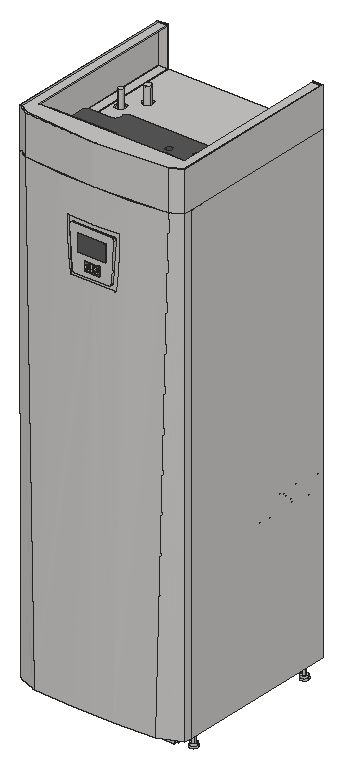
Revit family "HVAC_Heaters_Enertech_CTC-EcoZenith-i255H", category Specialty Equipment, Revit 2017
Family settings
  Round Connector Dimension = Use Diameter
  Part Type = Normal
  OmniClass Number = 23.75.00.00
  OmniClass Title = Climate Control (HVAC)
  Work Plane-Based = No
  Always vertical = Yes
  Cut with Voids When Loaded = No
  Shared = No
  Room Calculation Point = No
Parameters (values of type "CTC EcoZenith i255 H - 400V3N")
  Weight = "182 kg"
  WaterVolumeWaterSuply = "5.7 liters"
  WaterVolumeHeathingSystem = "223 liters"
  WarrantyStartDate [instance] = "n/a"
  WarrantyGuarantorParts = "n/a"
  WarrantyGuarantorLabor = "n/a"
  WarrantyDurationUnit = "Year"
  WarrantyDurationParts = "n/a"
  WarrantyDurationLabor = "n/a"
  WarrantyDescription = "n/a"
  VersionDate = "10/11/2020"  # constant formula
  Version = "1"  # constant formula
  UsageCurrent = 0 A
  Uniclass2015Reference = "Pr_40_70_65"
  Uniclass2015Description = "Preparation catering equipment"
  Uniclass2 = "Pr_40_70_65"
  URL = "https://ctc-heating.com/products/indoor-modules"
  UNSPSCCode = "40102003"
  Type Comments = ""
  Touchscreen = "yes"
  TagNumber [instance] = "n/a"
  SustainabilityPerformance = "n/a"
  Status = "n/a"
  SpecifiedOutput = "N/A"
  SoundPowerLWA = "N/A"
  Sound pressureLPA 5m = "N/A"
  Sound pressureLPA 1m = "N/A"
  Sound pressureLPA 10m = "N/A"
  Size = "673x596x1886 mm"
  Shape = "Rectangular"
  SerialNumber [instance] = "7208 xxxx xxxx"
  SEERWarm = "N/A"
  SEERModerate = "N/A"
  SEERCold = "N/A"
  SCOPWarm = "N/A"
  SCOPModerate = "N/A"
  SCOPCold = "N/A"
  Revision = "4"  # constant formula
  ReplacementCost = "n/a"
  RefrigerantType = "N/A"
  RefrigerantQuantity = "N/A"
  ReferenceAirFlowRate = "N/A"
  Reference = "n/a"
  RatedVoltage = 1200 V
  RatedHeatOutputModerate = "15 kW"
  PumpMainMaterial = Stainless Steel
  ProductInformation = "Quiet and efficient indoor module available in two heights with built-in heat pump control and hot water preparation. The CTC EcoZenith i255  has internet connection as standard, so you can easily control your product remotely. It is also prepared for connection to Alexa and Google Home, etc."
  PowerFactor = 0 W
  PhaseReference = "n/a"
  PhaseAngle = 0.00°
  OutputRangeIimmersionHeater = "0.3 - 15/ 0.3 - 18 "
  OutputRange = "N/A"
  NominalWidth = 595 mm
  NominalVoltage = 400 V
  NominalHeight = 1904 mm
  ModelType = EcoZenithI250-high : EcoZenith_high
  NominalFrequencyRange = 50 Hz
  NominalDepth = 672 mm
  NominalCurrent = 0 A
  Name = "CTC-EcoZenith-i255"  # constant formula
  NBSReference = "90-40-40/320"
  NBSDescription = "Air to water heat pumps"
  ModelReference = "n/a"
  ModelNumber = "589502001"
  MinimumCeilingHeight = "1901 mm"
  MaxStartingCurrent = "N/A"
  MaxOperatingPressureThermalStore = "3 bar"
  MaxOperatingPressureHotWater = "10 bar"
  MaxAirFlowRate = "N/A"
  Material = "Steel/copper"
  ManufacturerURL = "https://ctc.se/"
  ManufacturerName = "Enertech AB"
  Model = "CTC EcoZenith i250 High"
  ManufacturerCountry = "Sweden"
  Manufacturer = "Enertech AB"
  InsulationStandardClass = "n/a"
  InstallationDate [instance] = "n/a"
  InPutPower = "N/A"
  IfcExportType = "HEATER"  # constant formula
  IfcExportAs = "IfcElectricalDeviceCommon"  # constant formula
  IP_Code = "IP X1"
  HotTapWaterPerformance = "173 liters"
  HasProtectiveEarth = yes
  GroupFuse = "15 kW : 25 A\n18 kW: 32 A"
  Grade = "n/a"
  Finish = "n/a"
  Features = "n/a"
  ExpectedLife = "n/a"
  EnergyClass_HotWater_TapProfile = "B / L "
  EnergyClassHeatingWithoutControl = "N/A"
  EnergyClassHeatingWithControl = "A++ / A++ (with heatpump)"
  ElectricalDeviceNominalPower = 1800 W
  EANNumber = "7333077094461"
  DurationUnit = "Year"
  Description = "Quiet and efficient indoor module available in two heights with built-in heat pump control and hot water preparation. The CTC EcoZenith i255  has internet connection as standard, so you can easily control your product remotely. It is also prepared for connection to Alexa and Google Home, etc."
  Cost = 0
  ConvergoRefNr = "0091-1710-0012-SE"
  Constituents = "n/a"
  ConnectorDistance3 = 5 mm
  ConnectorDistance2 = 144 mm
  ConnectorDistance1 = 85.5 mm
  ConductorFunction = "n/a"
  Color = "white"
  CodePerformance = "n/a"
  Capacity = "N/A"
  COP = "N/A"
  CO2Equivalent = "N/A"
  BrineSystem_Min_MaxPressure = "N/A"
  Barcode [instance] = "n/a"
  AssetIdentifier [instance] = "n/a"
  Category = "Indoor Module"
  Brand = "CTC"
  BIMObjectName = "HVAC_Heaters_Enertech_CTC-EcoZenith-i255"  # constant formula
  Author = "Convergo AB"  # constant formula
  AssetType = "Fixed"
  Artikel nr. = ""
  AirFlow = "N/A"
  Accessories = ""
  AccessibilityPerformance = "n/a"
Reference planes
  plane 1 "Center (Front/Back)": y = 0
  plane 2: z = 0
  plane 3 "Center (Left/Right)": x = 0
  plane 4: x = -297.5
  plane 5: x = 297.5
  plane 6: y = 336
  plane 7: y = -336
  plane 8: z = 1904
  plane 9: z = 1818.5
  plane 10: z = 1760
  plane 11: z = 1755
Forms (mm)
  Extrusion 1, solid, material "Stainless Steel" <- "PumpMainMaterial", detail levels coarse
    sketch origin (0, 0, 0) x (1, 0, 0) y (0, 1, 0)
      loop
        line (-297.5, -336) -> (297.5, -336) -> (297.5, 336) -> (-297.5, 336) -> (-297.5, -336)
    from 0 to 1904
  Extrusion 2, solid, material "Stainless Steel" <- "PumpMainMaterial", detail levels medium+fine
    sketch origin (0, 0, 0) x (1, 0, 0) y (0, 1, 0)
      loop
        circle (-229.555, 81.642) r 9.5
      loop
        circle (-183.051, 146.802) r 11.103
      loop
        circle (177.316, -84.382) r 11.103
      loop
        circle (205.876, 305.416) r 11
      loop
        circle (230.876, 275.416) r 11
    from 1755 to 1818.5
  Extrusion 3, solid, material "Black", detail levels medium+fine
    sketch origin (-4.779, -14.117, -287.936) x (1, 0, 0) y (0, 0, 1)
      loop
        circle (-241.119, 2138.1) r 11
    from 177.988 to 174.9
  Extrusion 4, solid, material "Black", detail levels medium+fine
    sketch origin (0, 0, 0) x (1, 0, 0) y (0, 1, 0)
      loop
        circle (78.26, -84.106) r 11
      loop
        circle (78.26, -84.106) r 10.5
    from 1755 to 1760
  Extrusion 5, solid, material "Stainless Steel" <- "PumpMainMaterial", detail levels medium+fine
    sketch origin (0, 0, 0) x (1, 0, 0) y (0, 1, 0)
      loop
        circle (1.087, 40.827) r 9.5
      loop
        circle (-229.939, -4.024) r 11
      loop
        circle (-174.939, -4.024) r 11
      loop
        circle (1.087, 40.827) r 10
      loop
        circle (-174.939, -4.024) r 11.5
      loop
        circle (-229.939, -4.024) r 11.5
    from 1755 to 1760
Dimensions and locks
  equal spacing: plane 4, plane 3 "Center (Left/Right)", plane 5
  "NominalWidth": plane 4 to plane 5
  equal spacing: plane 6, plane 1 "Center (Front/Back)", plane 7
  "NominalDepth": plane 6 to plane 7
  "NominalHeight": plane 8 to level
  "ConnectorDistance1": plane 9 to plane 8
  "ConnectorDistance2": plane 8 to plane 10
  "ConnectorDistance3": plane 10 to plane 11
  aligned and locked: level to plane 2
  aligned and locked: Extrusion 1 to plane 8
  aligned and locked: plane 9 to Extrusion 2
  aligned and locked: plane 10 to Extrusion 4
  aligned and locked: plane 10 to Extrusion 5
  aligned and locked: Extrusion 2 to plane 11
  aligned and locked: Extrusion 2 to Extrusion 4
  aligned and locked: Extrusion 2 to Extrusion 5
Automatic sketch dimensions
  Extrusion 1 sketch curve to plane 4 = 0 mm
  Extrusion 1 sketch curve to plane 5 = 0 mm
  Extrusion 1 sketch curve to plane 7 = 0 mm
  plane 6 to Extrusion 1 sketch curve = 0 mm
  plane 4 to Extrusion 2 sketch curve = 67.945 mm
  Extrusion 2 sketch curve to Extrusion 2 sketch curve = 46.504 mm
  Extrusion 2 sketch curve to plane 5 = 120.184 mm
  Extrusion 2 sketch curve to plane 1 "Center (Front/Back)" = 81.642 mm
  Extrusion 2 sketch curve to Extrusion 2 sketch curve = 65.16 mm
  plane 1 "Center (Front/Back)" to Extrusion 2 sketch curve = 84.382 mm
  Extrusion 2 sketch curve to Extrusion 2 sketch curve = 11.103 mm  (x2)
  Extrusion 2 sketch curve to Extrusion 2 sketch curve = 9.5 mm
  Extrusion 2 sketch curve to plane 6 = 30.584 mm
  Extrusion 2 sketch curve to plane 5 = 91.624 mm
  Extrusion 2 sketch curve to Extrusion 2 sketch curve = 11 mm  (x2)
  Extrusion 2 sketch curve to Extrusion 2 sketch curve = 0 mm  (x2)
  Extrusion 2 sketch curve to Extrusion 2 sketch curve = 14 mm
  Extrusion 2 sketch curve to Extrusion 2 sketch curve = 30 mm
  plane 4 to Extrusion 3 sketch curve = 51.601 mm
  plane 8 to Extrusion 3 sketch curve = 53.836 mm
  Extrusion 4 sketch curve to Extrusion 4 sketch curve = 0 mm  (x2)
  plane 3 "Center (Left/Right)" to Extrusion 4 sketch curve = 78.26 mm
  plane 1 "Center (Front/Back)" to Extrusion 4 sketch curve = 84.106 mm
  Extrusion 4 sketch curve to Extrusion 4 sketch curve = 10.5 mm
  Extrusion 4 sketch curve to Extrusion 4 sketch curve = 0.5 mm
  Extrusion 5 sketch curve to plane 3 "Center (Left/Right)" = 8.413 mm
  Extrusion 5 sketch curve to Extrusion 5 sketch curve = 0.5 mm  (x3)
  Extrusion 5 sketch curve to Extrusion 5 sketch curve = 0 mm  (x6)
  plane 3 "Center (Left/Right)" to Extrusion 5 sketch curve = 1.087 mm
  Extrusion 5 sketch curve to plane 1 "Center (Front/Back)" = 40.827 mm
  plane 1 "Center (Front/Back)" to Extrusion 5 sketch curve = 4.024 mm  (x2)
  plane 4 to Extrusion 5 sketch curve = 122.561 mm
  Extrusion 5 sketch curve to Extrusion 5 sketch curve = 55 mm
  Extrusion 5 sketch curve to Extrusion 5 sketch curve = 11.5 mm
  Extrusion 5 sketch curve to Extrusion 5 sketch curve = 11 mm
  radius of Extrusion 3 sketch curve = 11 mm
Nested families
  nested 1: "EcoZenithI250-high" at (0, 4, 0), type <- "ModelType", type "EcoZenith_high"
Connectors
  piping at (-229.555, 81.642, 1818.5), diameter 19
    settings: on Extrusion 2, index 1, connector inside diameter 609.6 mm, connector length 0 mm, flow factor 0, pipe flow 0.0 L/s, pressure drop 0.0 Pa, fitting loss kfactor 0, connector angle 0.00°, fixture units 0, engagement length 0 mm, angle of deflection 0.00°, flow configuration 0, flow direction 2, fitting loss method 0, system type 16, joint type 0, gender type 0, connector reference index -1, connector utility 0, adjustable connector no, is connector primary yes, connector description ""
  piping at (-183.051, 146.802, 1818.5), diameter 22
    settings: on Extrusion 2, index 2, connector inside diameter 609.6 mm, connector length 0 mm, flow factor 0, pipe flow 0.0 L/s, pressure drop 0.0 Pa, fitting loss kfactor 0, connector angle 0.00°, fixture units 0, engagement length 0 mm, angle of deflection 0.00°, flow configuration 0, flow direction 0, fitting loss method 0, system type 22, joint type 0, gender type 0, connector reference index -1, connector utility 0, adjustable connector no, is connector primary no, connector description ""
  piping at (177.316, -84.382, 1818.5), diameter 22
    settings: on Extrusion 2, index 3, connector inside diameter 609.6 mm, connector length 0 mm, flow factor 0, pipe flow 0.0 L/s, pressure drop 0.0 Pa, fitting loss kfactor 0, connector angle 0.00°, fixture units 0, engagement length 0 mm, angle of deflection 0.00°, flow configuration 0, flow direction 2, fitting loss method 0, system type 22, joint type 0, gender type 0, connector reference index -1, connector utility 0, adjustable connector no, is connector primary no, connector description ""
  piping at (205.876, 305.416, 1818.5), diameter 22
    settings: on Extrusion 2, index 8, connector inside diameter 609.6 mm, connector length 0 mm, flow factor 0, pipe flow 0.0 L/s, pressure drop 0.0 Pa, fitting loss kfactor 0, connector angle 0.00°, fixture units 0, engagement length 0 mm, angle of deflection 0.00°, flow configuration 0, flow direction 1, fitting loss method 0, system type 20, joint type 0, gender type 0, connector reference index -1, connector utility 0, adjustable connector no, is connector primary no, connector description ""
  piping at (230.876, 275.416, 1818.5), diameter 22
    settings: on Extrusion 2, index 9, connector inside diameter 609.6 mm, connector length 0 mm, flow factor 0, pipe flow 0.0 L/s, pressure drop 0.0 Pa, fitting loss kfactor 0, connector angle 0.00°, fixture units 0, engagement length 0 mm, angle of deflection 0.00°, flow configuration 0, flow direction 2, fitting loss method 0, system type 19, joint type 0, gender type 0, connector reference index -1, connector utility 0, adjustable connector no, is connector primary no, connector description ""
  electrical at (-245.899, -189.017, 1850.164)
    settings: on Extrusion 3, index 10, voltage 0 V, apparent load 0 VA, apparent load phase1 0 VA, apparent load phase2 0 VA, apparent load phase3 0 VA, power factor 1, load classification "Other", number of poles 3, system type 31, power factor state 1, is connector primary yes, connector utility no, sub classification motor no, connector description ""
  piping at (-229.939, -4.024, 1760), diameter 22
    settings: on Extrusion 5, index 11, connector inside diameter 609.6 mm, connector length 0 mm, flow factor 0, pipe flow 0.0 L/s, pressure drop 0.0 Pa, fitting loss kfactor 0, connector angle 0.00°, fixture units 0, engagement length 0 mm, angle of deflection 0.00°, flow configuration 0, flow direction 2, fitting loss method 0, system type 19, joint type 0, gender type 0, connector reference index -1, connector utility 0, adjustable connector no, is connector primary no, connector description ""
  piping at (-174.939, -4.024, 1760), diameter 22
    settings: on Extrusion 5, index 12, connector inside diameter 609.6 mm, connector length 0 mm, flow factor 0, pipe flow 0.0 L/s, pressure drop 0.0 Pa, fitting loss kfactor 0, connector angle 0.00°, fixture units 0, engagement length 0 mm, angle of deflection 0.00°, flow configuration 0, flow direction 1, fitting loss method 0, system type 20, joint type 0, gender type 0, connector reference index -1, connector utility 0, adjustable connector no, is connector primary no, connector description ""
  piping at (1.087, 40.827, 1760), diameter 19
    settings: on Extrusion 5, index 13, connector inside diameter 609.6 mm, connector length 0 mm, flow factor 0, pipe flow 0.0 L/s, pressure drop 0.0 Pa, fitting loss kfactor 0, connector angle 0.00°, fixture units 0, engagement length 0 mm, angle of deflection 0.00°, flow configuration 0, flow direction 0, fitting loss method 0, system type 22, joint type 0, gender type 0, connector reference index -1, connector utility 0, adjustable connector no, is connector primary no, connector description ""
  piping at (78.26, -84.106, 1760), diameter 22
    settings: on Extrusion 4, index 14, connector inside diameter 609.6 mm, connector length 0 mm, flow factor 0, pipe flow 0.0 L/s, pressure drop 0.0 Pa, fitting loss kfactor 0, connector angle 0.00°, fixture units 0, engagement length 0 mm, angle of deflection 0.00°, flow configuration 0, flow direction 0, fitting loss method 0, system type 22, joint type 0, gender type 0, connector reference index -1, connector utility 0, adjustable connector no, is connector primary no, connector description ""
Definition of nested family "EcoZenithI250-high"
  Parameters (values of type "EcoZenith_high")
    URL = ""
    Type Comments = ""
    PumpMainMaterial = none
    Model = ""
    Manufacturer = ""
    EANNumber = ""
    Description = ""
    Cost = 0
    Artikel nr. = ""
    Accessories = ""
  Reference planes
    plane 1 "Center (Front/Back)": y = 0
    plane 2: z = 0
    plane 3 "Center (Left/Right)": x = 0
  Forms (mm)
    Extrusion 1, solid, material <- "PumpMainMaterial", detail levels medium+fine
      sketch origin (0, 0, 0) x (1, 0, 0) y (0, 1, 0)
        loop
          line (-263, -250.514) -> (263, -250.514) -> (263, 332) -> (-263, 332) -> (-263, -250.514)
        loop
          line (261, 330) -> (-261, 330) -> (-261, -248.514) -> (261, -248.514) -> (261, 330)
      from 1757 to 47.518
    Extrusion 2, solid, material <- "PumpMainMaterial", detail levels medium+fine
      sketch origin (0, 0, 0) x (1, 0, 0) y (0, 1, 0)
        loop
          line (-263, 332) -> (-263, -250.514) -> (263, -250.514) -> (263, 332) -> (-263, 332)
        loop
          circle (1.087, 36.827) r 10
        loop
          circle (-229.555, 77.29) r 19
        loop
          circle (-183.051, 142.802) r 19
        loop
          circle (-229.939, -8.024) r 11.5
        loop
          circle (-174.939, -8.024) r 11.5
        loop
          circle (205.934, 301.758) r 11
        loop
          circle (230.934, 271.758) r 11
      from 1760 to 1757
    Extrusion 3, solid, material <- "PumpMainMaterial", detail levels medium+fine
      sketch origin (0, 0, 0) x (1, 0, 0) y (0, 1, 0)
        loop
          line (-298, -267.3) -> (-263, -267.3) -> (-263, 332) -> (-298, 332) -> (-298, -267.3)
        loop
          line (-265, 330) -> (-296, 330) -> (-296, -265.3) -> (-265, -265.3) -> (-265, 330)
        loop
          line (298, -267.3) -> (298, 332) -> (263, 332) -> (263, -267.3) -> (298, -267.3)
        loop
          line (265, 330) -> (265, -265.3) -> (296, -265.3) -> (296, 330) -> (265, 330)
      from 47.518 to 1757
    Extrusion 4, solid, material <- "PumpMainMaterial", detail levels medium+fine
      sketch origin (0, 0, 0) x (1, 0, 0) y (0, 1, 0)
        loop
          line (-298, -267.3) -> (-263, -267.3) -> (-263, 332) -> (-298, 332) -> (-298, -267.3)
        loop
          line (298, -267.3) -> (298, 332) -> (263, 332) -> (263, -267.3) -> (298, -267.3)
      from 1757 to 1760
    Extrusion 5, void
      sketch origin (0, 0, 0) x (1, 0, 0) y (0, 0, 1)
        loop
          line (263, 658.3) -> (-263, 658.3) -> (-263, 47.518) -> (263, 47.518) -> (263, 658.3)
      from -317.624 to -367.702
    Blend 6, solid, material <- "PumpMainMaterial", detail levels medium+fine
      base sketch origin (0, 0, 0) x (1, 0, 0) y (0, 1, 0)
        loop
          line (0, -250.514) -> (-263, -250.514) -> (-263, -267.3) -> (-298, -267.3) -> (-298, -291.418) -> (-218.584, -323.902)
          arc (-218.584, -323.902) -> (0, -333.258) -> (218.584, -323.902) r 2558.149
          line (218.584, -323.902) -> (298, -291.418) -> (298, -267.3) -> (263, -267.3) -> (263, -250.514) -> (0, -250.514)
      top sketch origin (0, 0, 0) x (1, 0, 0) y (0, 1, 0)
        loop
          line (-263, -250.514) -> (-263, -267.3) -> (-298, -267.3) -> (-298, -293.919) -> (-257.919, -316.318)
          arc (-257.919, -316.318) -> (0, -333.258) -> (257.919, -316.318) r 1971.933
          line (257.919, -316.318) -> (298, -293.919) -> (298, -267.3) -> (263, -267.3) -> (263, -250.514) -> (0, -250.514) -> (-263, -250.514)
      from 47.518 to 1760
    Extrusion 7, void
      sketch origin (0, 0, 0) x (1, 0, 0) y (0, 0, 1)
        loop
          line (93, 1638.587) -> (-93, 1638.587)
          arc (-93, 1638.587) -> (-91.512, 1543.484) -> (-83.299, 1448.723) r 1343.594
          line (-83.299, 1448.723) -> (83.299, 1448.723)
          arc (83.299, 1448.723) -> (91.512, 1543.484) -> (93, 1638.587) r 1343.594
      from 344.861 to 330.394
    Extrusion 8, solid, material <- "PumpMainMaterial", detail levels medium+fine
      sketch origin (0, 0, 0) x (1, 0, 0) y (0, 0, 1)
        loop
          arc (-71.512, 1623.318) -> (-77.15, 1620.993) -> (-79.512, 1615.37) r 8
          arc (-79.512, 1615.37) -> (-77.259, 1542.94) -> (-69.564, 1470.884) r 962.676
          arc (-69.564, 1470.884) -> (-66.882, 1465.983) -> (-61.647, 1464.032) r 8
          line (-61.647, 1464.032) -> (61.647, 1464.032)
          arc (61.647, 1464.032) -> (66.882, 1465.983) -> (69.564, 1470.884) r 8
          arc (69.564, 1470.884) -> (77.259, 1542.94) -> (79.512, 1615.37) r 962.676
          arc (79.512, 1615.37) -> (77.15, 1620.993) -> (71.512, 1623.318) r 8
          line (71.512, 1623.318) -> (-71.512, 1623.318)
      from 339 to 330.394
    Extrusion 9, solid, detail levels medium+fine
      sketch origin (0, 0, -171.843) x (1, 0, 0) y (0, 0, 1)
        loop
          arc (-25.5, 1686.518) -> (-26.914, 1685.932) -> (-27.5, 1684.518) r 2
          line (-27.5, 1684.518) -> (-27.5, 1655.518)
          arc (-27.5, 1655.518) -> (-26.914, 1654.103) -> (-25.5, 1653.518) r 2
          line (-25.5, 1653.518) -> (25.5, 1653.518)
          arc (25.5, 1653.518) -> (26.914, 1654.103) -> (27.5, 1655.518) r 2
          line (27.5, 1655.518) -> (27.5, 1684.518)
          arc (27.5, 1684.518) -> (26.914, 1685.932) -> (25.5, 1686.518) r 2
          line (25.5, 1686.518) -> (-25.5, 1686.518)
      from 339.5 to 339
    Extrusion 10, solid, material <- "PumpMainMaterial", detail levels medium+fine
      sketch origin (0, 0, -204.843) x (1, 0, 0) y (0, 0, 1)
        loop
          line (3.815, 1710.351) -> (11.698, 1710.357) -> (11.698, 1715.677) -> (-11.698, 1715.677) -> (-11.698, 1710.336) -> (-3.818, 1710.344) -> (-3.81, 1690.398) -> (3.815, 1690.398) -> (3.815, 1710.351)
        loop
          spline (24.54, 1702.497) -> (22.341, 1706.572) -> (18.495, 1709.152) -> (13.888, 1709.644) -> (9.584, 1707.934) -> (6.572, 1704.417) -> (5.548, 1699.902) -> (6.747, 1695.43) -> (9.893, 1692.032) -> (14.261, 1690.49) -> (18.844, 1691.161) -> (22.587, 1693.888) -> (24.627, 1698.045)
          line (24.627, 1698.045) -> (18.433, 1698.045)
          spline (18.433, 1698.045) -> (17.635, 1695.915) -> (16.341, 1694.569) -> (14.815, 1694.279) -> (13.364, 1695.105) -> (12.285, 1696.88) -> (11.795, 1699.242) -> (11.994, 1701.714) -> (12.842, 1703.793) -> (14.166, 1705.058) -> (15.698, 1705.253) -> (17.128, 1704.337) -> (18.165, 1702.497)
          line (18.165, 1702.497) -> (24.54, 1702.497)
        loop
          spline (-5.46, 1702.497) -> (-7.659, 1706.572) -> (-11.505, 1709.152) -> (-16.112, 1709.644) -> (-20.416, 1707.934) -> (-23.428, 1704.417) -> (-24.452, 1699.902) -> (-23.253, 1695.43) -> (-20.107, 1692.032) -> (-15.739, 1690.49) -> (-11.156, 1691.161) -> (-7.413, 1693.888) -> (-5.373, 1698.045)
          line (-5.373, 1698.045) -> (-11.567, 1698.045)
          spline (-11.567, 1698.045) -> (-12.365, 1695.915) -> (-13.659, 1694.569) -> (-15.185, 1694.279) -> (-16.636, 1695.105) -> (-17.715, 1696.88) -> (-18.205, 1699.242) -> (-18.006, 1701.714) -> (-17.158, 1703.793) -> (-15.834, 1705.058) -> (-14.302, 1705.253) -> (-12.872, 1704.337) -> (-11.835, 1702.497)
          line (-11.835, 1702.497) -> (-5.46, 1702.497)
      from 339.5 to 340
    Extrusion 11, solid, detail levels medium+fine
      sketch origin (0, 0, 0) x (1, 0, 0) y (0, 0, 1)
        loop
          line (-50.67, 1596.158) -> (-50.67, 1536.092) -> (50.67, 1536.092) -> (50.67, 1596.158) -> (-50.67, 1596.158)
      from 339 to 339.5
    Extrusion 12, solid, material <- "PumpMainMaterial", detail levels medium+fine
      sketch origin (0, 0, -10.5) x (1, 0, 0) y (0, 1, 0)
        loop
          line (296, 330) -> (263, 330) -> (263, -250.514) -> (-263, -250.514) -> (-263, 330) -> (-296, 330) -> (-296, -292.746) -> (-257.278, -314.385)
          arc (-257.278, -314.385) -> (0, -331.258) -> (257.278, -314.385) r 1969.933
          line (257.278, -314.385) -> (296, -292.746) -> (296, 330)
      from 1910.1 to 1912
    Extrusion 13, solid, material <- "PumpMainMaterial", detail levels medium+fine
      sketch origin (0, 0, 0) x (1, 0, 0) y (0, 1, 0)
        loop
          arc (-257.919, -316.318) -> (0, -333.258) -> (257.919, -316.318) r 1971.933
          line (257.919, -316.318) -> (298, -293.919) -> (298, 332) -> (263, 332) -> (263, 330) -> (296, 330) -> (296, -292.746) -> (257.278, -314.385)
          arc (257.278, -314.385) -> (0, -331.258) -> (-257.278, -314.385) r 1969.933
          line (-257.278, -314.385) -> (-296, -292.746) -> (-296, 330) -> (-263, 330) -> (-263, 332) -> (-298, 332) -> (-298, -293.919) -> (-257.919, -316.318)
      from 1760 to 1904
    Extrusion 14, solid, detail levels medium+fine
      sketch origin (0, 0, 0) x (1, 0, 0) y (0, 1, 0)
        loop
          line (-161.57, -48.655) -> (-242.07, -48.655)
          arc (-242.07, -48.655) -> (-252.677, -53.048) -> (-257.07, -63.655) r 15
          line (-257.07, -63.655) -> (-257.07, -121.655)
          arc (-257.07, -121.655) -> (-252.677, -132.262) -> (-242.07, -136.655) r 15
          line (-242.07, -136.655) -> (5.84, -136.655)
          arc (5.84, -136.655) -> (19.982, -130.797) -> (25.84, -116.655) r 20
          line (25.84, -116.655) -> (158.04, -116.655)
          arc (158.04, -116.655) -> (163.898, -130.797) -> (178.04, -136.655) r 20
          line (178.04, -136.655) -> (243.19, -136.655)
          arc (243.19, -136.655) -> (253.797, -132.262) -> (258.19, -121.655) r 15
          line (258.19, -121.655) -> (258.19, -18.655)
          arc (258.19, -18.655) -> (253.797, -8.048) -> (243.19, -3.655) r 15
          line (243.19, -3.655) -> (-131.57, -3.655)
          arc (-131.57, -3.655) -> (-142.177, -8.048) -> (-146.57, -18.655) r 15
          line (-146.57, -18.655) -> (-146.57, -33.655)
          arc (-146.57, -33.655) -> (-150.963, -44.262) -> (-161.57, -48.655) r 15
        loop
          circle (177.316, -88.382) r 15
        loop
          circle (78.26, -88.106) r 11.5
      from 1760 to 1802.88
    Extrusion 15, void
      sketch origin (0, 0, 0) x (1, 0, 0) y (0, 0, 1)
        loop
          arc (-93.071, 1760) -> (-116.071, 1788.603) -> (-139.07, 1760) r 23.548
          line (-139.07, 1760) -> (-93.071, 1760)
      from 0 to 84.904
    Extrusion 16, void
      sketch origin (0, 0, 0) x (1, 0, 0) y (0, 1, 0)
        loop
          line (-296, -267.3) -> (-296, -292.746) -> (-257.278, -314.385)
          arc (-257.278, -314.385) -> (0, -331.258) -> (257.278, -314.385) r 1969.933
          line (257.278, -314.385) -> (296, -292.746) -> (296, -267.3) -> (263, -267.3) -> (263, -250.514) -> (-263, -250.514) -> (-263, -267.3) -> (-296, -267.3)
      from 1692.47 to 1785
    Revolve 17, solid, material <- "PumpMainMaterial", detail levels medium+fine
      sketch origin (0, 271.895, 0) x (1, 0, 0) y (0, 0, 1)
        loop
          line (-279.5, 12) -> (-279.5, 0) -> (-265.125, 0) -> (-265.125, 4) -> (-267.125, 4) -> (-267.125, 12) -> (-279.5, 12)
        axis (-279.5, 12) -> (-279.5, 0)
      angle from 0 to 360
    Revolve 18, solid, material <- "PumpMainMaterial", detail levels medium+fine
      sketch origin (0, 271.895, 0) x (-1, 0, 0) y (0, 0, 1)
        loop
          line (-279.5, 12) -> (-279.5, 0) -> (-265.125, 0) -> (-265.125, 4) -> (-267.125, 4) -> (-267.125, 12) -> (-279.5, 12)
        axis (-279.5, 12) -> (-279.5, 0)
      angle from 0 to 360
    Revolve 19, solid, material <- "PumpMainMaterial", detail levels medium+fine
      sketch origin (0, -228.139, 0) x (1, 0, 0) y (0, 0, 1)
        loop
          line (-279.5, 12) -> (-279.5, 0) -> (-265.125, 0) -> (-265.125, 4) -> (-267.125, 4) -> (-267.125, 12) -> (-279.5, 12)
        axis (-279.5, 12) -> (-279.5, 0)
      angle from 0 to 360
    Revolve 20, solid, material <- "PumpMainMaterial", detail levels medium+fine
      sketch origin (0, -228.139, 0) x (-1, 0, 0) y (0, 0, 1)
        loop
          line (-279.5, 12) -> (-279.5, 0) -> (-265.125, 0) -> (-265.125, 4) -> (-267.125, 4) -> (-267.125, 12) -> (-279.5, 12)
        axis (-279.5, 12) -> (-279.5, 0)
      angle from 0 to 360
    Extrusion 21, solid, material <- "PumpMainMaterial", detail levels medium+fine
      sketch origin (0, -36, 0) x (1, 0, 0) y (0, 1, 0)
        loop
          circle (-279.5, 307.895) r 5
        loop
          circle (-279.5, -192.139) r 5
        loop
          circle (279.5, 307.895) r 5
        loop
          circle (279.5, -192.139) r 5
      from 47.518 to 12
    Extrusion 22, solid, material <- "PumpMainMaterial", detail levels medium+fine
      sketch origin (0, 4, 10.9) x (1, 0, 0) y (0, 0, 1)
        loop
          line (-256.94, 9) -> (-244.44, 9) -> (-244.44, 5) -> (-239.44, 0) -> (-199.44, 0) -> (-194.44, 5) -> (-194.44, 9) -> (-181.94, 9) -> (-181.94, 36.618) -> (-256.94, 36.618) -> (-256.94, 9)
      from 270.5 to 272.514
    Extrusion 23, solid, material <- "PumpMainMaterial", detail levels medium+fine
      sketch origin (0, 4, 10.9) x (-1, 0, 0) y (0, 0, -1)
        loop
          line (-256.94, -9) -> (-256.94, -36.618) -> (-181.94, -36.618) -> (-181.94, -9) -> (-194.44, -9) -> (-194.44, -5) -> (-199.44, 0) -> (-239.44, 0) -> (-244.44, -5) -> (-244.44, -9) -> (-256.94, -9)
      from 270.5 to 272.514
    Extrusion 24, solid, material <- "PumpMainMaterial", detail levels medium+fine
      sketch origin (0, 280.7, 0) x (1, 0, 0) y (0, 0, 1)
        loop
          line (263, 47.518) -> (263, 543) -> (-263, 543) -> (-263, 47.518) -> (-205, 47.518) -> (-205, 343) -> (205, 343) -> (205, 47.518) -> (263, 47.518)
      from 0 to 2
    Extrusion 25, solid, detail levels medium+fine
      sketch origin (0, 0, 0) x (1, 0, 0) y (0, 1, 0)
        loop
          arc (44.594, -122.863) -> (42.624, -149.627) -> (44.594, -176.391) r 182.82
          arc (44.594, -176.391) -> (92.094, -181.191) -> (139.594, -176.391) r 237.45
          arc (139.594, -176.391) -> (141.563, -149.627) -> (139.594, -122.863) r 182.82
          arc (139.594, -122.863) -> (92.094, -118.064) -> (44.594, -122.863) r 237.45
      from 1760 to 1808.77
    Extrusion 26, void
      sketch origin (0, -8, 0) x (0, 1, 0) y (0, 0, 1)
        loop
          arc (172.983, 634) -> (164.05, 655.567) -> (142.483, 664.5) r 30.5
          line (142.483, 664.5) -> (107.5, 664.5) -> (107.5, 662.5) -> (142.483, 662.5)
          arc (142.483, 662.5) -> (162.636, 654.153) -> (170.983, 634) r 28.5
          line (170.983, 634) -> (172.983, 634)
        loop
          line (40.017, 634) -> (42.017, 634)
          arc (42.017, 634) -> (50.364, 654.153) -> (70.517, 662.5) r 28.5
          line (70.517, 662.5) -> (105.5, 662.5) -> (105.5, 664.5) -> (70.517, 664.5)
          arc (70.517, 664.5) -> (48.95, 655.567) -> (40.017, 634) r 30.5
        loop
          line (172.983, 632) -> (170.983, 632)
          arc (170.983, 632) -> (162.636, 611.847) -> (142.483, 603.5) r 28.5
          line (142.483, 603.5) -> (107.5, 603.5) -> (107.5, 601.5) -> (142.483, 601.5)
          arc (142.483, 601.5) -> (164.05, 610.433) -> (172.983, 632) r 30.5
        loop
          arc (40.017, 632) -> (48.95, 610.433) -> (70.517, 601.5) r 30.5
          line (70.517, 601.5) -> (105.5, 601.5) -> (105.5, 603.5) -> (70.517, 603.5)
          arc (70.517, 603.5) -> (50.364, 611.847) -> (42.017, 632) r 28.5
          line (42.017, 632) -> (40.017, 632)
        loop
          arc (323.483, 634) -> (314.55, 655.567) -> (292.983, 664.5) r 30.5
          line (292.983, 664.5) -> (258, 664.5) -> (258, 662.5) -> (292.983, 662.5)
          arc (292.983, 662.5) -> (313.136, 654.153) -> (321.483, 634) r 28.5
          line (321.483, 634) -> (323.483, 634)
        loop
          line (190.517, 634) -> (192.517, 634)
          arc (192.517, 634) -> (200.864, 654.153) -> (221.017, 662.5) r 28.5
          line (221.017, 662.5) -> (256, 662.5) -> (256, 664.5) -> (221.017, 664.5)
          arc (221.017, 664.5) -> (199.45, 655.567) -> (190.517, 634) r 30.5
        loop
          line (323.483, 632) -> (321.483, 632)
          arc (321.483, 632) -> (313.136, 611.847) -> (292.983, 603.5) r 28.5
          line (292.983, 603.5) -> (258, 603.5) -> (258, 601.5) -> (292.983, 601.5)
          arc (292.983, 601.5) -> (314.55, 610.433) -> (323.483, 632) r 30.5
        loop
          arc (190.517, 632) -> (199.45, 610.433) -> (221.017, 601.5) r 30.5
          line (221.017, 601.5) -> (256, 601.5) -> (256, 603.5) -> (221.017, 603.5)
          arc (221.017, 603.5) -> (200.864, 611.847) -> (192.517, 632) r 28.5
          line (192.517, 632) -> (190.517, 632)
      from -385.733 to 391.549
    Extrusion 27, solid, detail levels medium+fine
      sketch origin (-4.06, -5.841, 0) x (1, 0, 0) y (0, 1, 0)
        loop
          line (-25.94, -190.168) -> (-258.94, -190.168) -> (-258.94, -250.514) -> (-25.94, -250.514) -> (-25.94, -190.168)
      from 1760 to 1864.3
  Cuts and joins
    Extrusion 26 cuts Extrusion 3
    joined: Extrusion 3, Extrusion 4
    Extrusion 5, Extrusion 7, Extrusion 15, Extrusion 26 cuts Extrusion 1
    Extrusion 5, Extrusion 7, Extrusion 15 cuts Extrusion 2
    joined: Extrusion 1, Extrusion 2
    Extrusion 7, Extrusion 15, Extrusion 16 cuts Blend 6
    Extrusion 15 cuts Extrusion 13
    Extrusion 15 cuts Extrusion 14
  Lines and regions (mm)
    symbolic lines, detail levels medium+fine
      curve 1: line (0, 332, 1904) -> (0, 27.327, 1904)
      curve 2: line (0, 332, 1904) -> (0, 332, 47.518)
      curve 3: line (0, 328, 28) -> (0, 328, 47.518)
      curve 4: line (0, 328, 47.518) -> (0, 332, 47.518)
      curve 5: line (0, 276.895, 12) -> (0, 276.895, 28)
      curve 6: line (0, 276.895, 28) -> (0, 328, 28)
      curve 7: line (0, 276.895, 12) -> (0, 284.27, 12)
      curve 8: line (0, 284.27, 12) -> (0, 284.27, 4)
      curve 9: line (0, 284.27, 4) -> (0, 286.27, 4)
      curve 10: line (0, 286.27, 4) -> (0, 286.27, 0)
      curve 11: line (0, 266.895, 12) -> (0, 259.52, 12)
      curve 12: line (0, 259.52, 12) -> (0, 259.52, 4)
      curve 13: line (0, 259.52, 4) -> (0, 257.52, 4)
      curve 14: line (0, 257.52, 4) -> (0, 257.52, 0)
      curve 15: line (0, 266.895, 28) -> (0, 266.895, 12)
      curve 16: line (0, 266.895, 28) -> (0, -223.105, 28)
      curve 17: line (0, -223.105, 28) -> (0, -223.105, 12)
      curve 18: line (0, -223.105, 12) -> (0, -215.764, 12)
      curve 19: line (0, -215.764, 12) -> (0, -215.764, 4)
      curve 20: line (0, -215.764, 4) -> (0, -213.764, 4)
      curve 21: line (0, -213.764, 4) -> (0, -213.764, 0)
      curve 22: line (0, -240.514, 4) -> (0, -242.514, 4)
      curve 23: line (0, -242.514, 4) -> (0, -242.514, 0)
      curve 24: line (0, -240.514, 4) -> (0, -240.514, 12)
      curve 25: line (0, -240.514, 12) -> (0, -233.139, 12)
      curve 26: line (0, -233.139, 28) -> (0, -233.139, 12)
      curve 27: line (0, -233.139, 28) -> (0, -266.5, 28)
      curve 28: line (0, -268.514, 47.518) -> (0, -333.338, 47.518)
      curve 39: line (274.5, 0, 47.518) -> (256.94, 0, 47.518)
      curve 40: line (-256.94, 0, 47.518) -> (-274.5, 0, 47.518)
      curve 41: line (-298, 0, 47.518) -> (-284.5, 0, 47.518)
      curve 84: line (-297.5, 332, 0) -> (-297.5, -294.198, 0)
      curve 85: line (-297.5, -294.198, 0) -> (-257.919, -316.318, 0)
      curve 86: line (257.919, -316.318, 0) -> (297.5, -294.198, 0)
      curve 87: line (297.5, -294.198, 0) -> (297.5, 332, 0)
      curve 88: line (297.5, 332, 0) -> (-297.5, 332, 0)
      curve 94: arc (-257.919, -316.318, 0) -> (0, -340, 0) -> (257.919, -316.318, 0) r 1416.331
      curve 101: line (-298, 0, 1904) -> (10.587, 0, 1904)
      curve 102: line (-298, 0, 47.518) -> (-298, 0, 1904)
      curve 103: line (298, 0, 1904) -> (298, 0, 47.518)
      curve 110: line (284.5, 0, 47.518) -> (298, 0, 47.518)
      curve 160: line (0, -333.338, 47.518) -> (0, -333.338, 1464.032)
      curve 178: line (10.587, 0, 1904) -> (298, 0, 1904)
      curve 179: line (0, 286.27, 0) -> (0, 257.52, 0)
      curve 180: line (0, -213.764, 0) -> (0, -242.514, 0)
      curve 181: line (0, 27.327, 1904) -> (0, -333.338, 1904)
      curve 182: line (0, -266.5, 10.9) -> (0, -268.514, 10.9)
      curve 183: line (0, -268.514, 10.9) -> (0, -268.514, 47.518)
      curve 184: line (0, -266.5, 10.9) -> (0, -266.5, 28)
      curve 190: line (-256.94, 0, 47.518) -> (-256.94, 0, 19.9)
      curve 191: line (-256.94, 0, 19.9) -> (-244.44, 0, 19.9)
      curve 192: line (-244.44, 0, 19.9) -> (-244.44, 0, 15.9)
      curve 193: line (-244.44, 0, 15.9) -> (-239.44, 0, 10.9)
      curve 194: line (-239.44, 0, 10.9) -> (-199.44, 0, 10.9)
      curve 195: line (-199.44, 0, 10.9) -> (-194.44, 0, 15.9)
      curve 196: line (-194.44, 0, 15.9) -> (-194.44, 0, 19.9)
      curve 197: line (-194.44, 0, 19.9) -> (-181.94, 0, 19.9)
      curve 198: line (-181.94, 0, 19.9) -> (-181.94, 0, 47.518)
      curve 199: line (256.94, 0, 19.9) -> (256.94, 0, 47.518)
      curve 200: line (244.44, 0, 19.9) -> (256.94, 0, 19.9)
      curve 201: line (244.44, 0, 15.9) -> (244.44, 0, 19.9)
      curve 202: line (239.44, 0, 10.9) -> (244.44, 0, 15.9)
      curve 203: line (199.44, 0, 10.9) -> (239.44, 0, 10.9)
      curve 204: line (194.44, 0, 15.9) -> (199.44, 0, 10.9)
      curve 205: line (194.44, 0, 19.9) -> (194.44, 0, 15.9)
      curve 206: line (181.94, 0, 19.9) -> (194.44, 0, 19.9)
      curve 207: line (181.94, 0, 47.518) -> (181.94, 0, 19.9)
      curve 208: line (293.875, 0, 0) -> (293.875, 0, 4)
      curve 209: line (293.875, 0, 4) -> (291.875, 0, 4)
      curve 210: line (291.875, 0, 4) -> (291.875, 0, 12)
      curve 211: line (291.875, 0, 12) -> (284.5, 0, 12)
      curve 212: line (284.5, 0, 12) -> (284.5, 0, 47.518)
      curve 213: line (293.875, 0, 0) -> (265.125, 0, 0)
      curve 214: line (265.125, 0, 0) -> (265.125, 0, 4)
      curve 215: line (265.125, 0, 4) -> (267.125, 0, 4)
      curve 216: line (267.125, 0, 4) -> (267.125, 0, 12)
      curve 217: line (267.125, 0, 12) -> (274.5, 0, 12)
      curve 218: line (274.5, 0, 12) -> (274.5, 0, 47.518)
      curve 220: line (-181.94, 0, 47.518) -> (181.94, 0, 47.518)
      curve 223: line (-265.125, 0, 0) -> (-265.125, 0, 4)
      curve 224: line (-265.125, 0, 4) -> (-267.125, 0, 4)
      curve 225: line (-267.125, 0, 4) -> (-267.125, 0, 12)
      curve 226: line (-267.125, 0, 12) -> (-274.5, 0, 12)
      curve 227: line (-274.5, 0, 12) -> (-274.5, 0, 47.518)
      curve 228: line (-265.125, 0, 0) -> (-293.875, 0, 0)
      curve 229: line (-293.875, 0, 0) -> (-293.875, 0, 4)
      curve 230: line (-293.875, 0, 4) -> (-291.875, 0, 4)
      curve 231: line (-291.875, 0, 4) -> (-291.875, 0, 12)
      curve 232: line (-291.875, 0, 12) -> (-284.5, 0, 12)
      curve 233: line (-284.5, 0, 12) -> (-284.5, 0, 47.518)
      curve 240: line (0, -340, 1623.318) -> (0, -333.338, 1623.318)
      curve 241: line (0, -340, 1623.318) -> (0, -340, 1464.032)
      curve 242: line (0, -340, 1464.032) -> (0, -333.338, 1464.032)
      curve 243: line (0, -333.338, 1623.318) -> (0, -333.338, 1904)
    symbolic lines, detail levels fine
      curve 29: line (0, 284.27, 4) -> (0, 259.52, 4)
      curve 30: line (0, 276.895, 12) -> (0, 266.895, 12)
      curve 31: line (0, 328, 47.518) -> (0, -268.514, 47.518)
      curve 32: line (0, 276.895, 28) -> (0, 276.895, 47.518)
      curve 33: line (0, 266.895, 28) -> (0, 266.895, 47.518)
      curve 34: line (0, -233.139, 28) -> (0, -233.139, 47.518)
      curve 35: line (0, -223.105, 28) -> (0, -223.105, 47.518)
      curve 36: line (0, -267.3, 47.518) -> (0, -267.3, 1904)
      curve 37: line (0, -233.139, 12) -> (0, -223.105, 12)
      curve 38: line (0, -215.764, 4) -> (0, -240.514, 4)
      curve 42: line (284.5, 0, 47.518) -> (274.5, 0, 47.518)
      curve 43: line (-274.5, 0, 47.518) -> (-284.5, 0, 47.518)
      curve 44: line (93, 0, 1638.587) -> (-93, 0, 1638.587)
      curve 45: arc (-93, 0, 1638.587) -> (-91.512, 0, 1543.484) -> (-83.299, 0, 1448.723) r 1343.594
      curve 46: line (-83.299, 0, 1448.723) -> (83.299, 0, 1448.723)
      curve 47: arc (83.299, 0, 1448.723) -> (91.512, 0, 1543.484) -> (93, 0, 1638.587) r 1343.594
      curve 48: arc (69.564, 0, 1470.884) -> (77.259, 0, 1542.94) -> (79.512, 0, 1615.37) r 962.676
      curve 49: line (71.512, 0, 1623.318) -> (-71.512, 0, 1623.318)
      curve 50: arc (79.512, 0, 1615.37) -> (77.15, 0, 1620.993) -> (71.512, 0, 1623.318) r 8
      curve 51: arc (-71.512, 0, 1623.318) -> (-77.15, 0, 1620.993) -> (-79.512, 0, 1615.37) r 8
      curve 52: arc (-79.512, 0, 1615.37) -> (-77.259, 0, 1542.94) -> (-69.564, 0, 1470.884) r 962.676
      curve 53: arc (-69.564, 0, 1470.884) -> (-66.882, 0, 1465.983) -> (-61.647, 0, 1464.032) r 8
      curve 54: line (-61.647, 0, 1464.032) -> (61.647, 0, 1464.032)
      curve 55: arc (61.647, 0, 1464.032) -> (66.882, 0, 1465.983) -> (69.564, 0, 1470.884) r 8
      curve 56: line (-50.67, 0, 1536.092) -> (50.67, 0, 1536.092)
      curve 57: line (50.67, 0, 1536.092) -> (50.67, 0, 1596.158)
      curve 58: line (50.67, 0, 1596.158) -> (-50.67, 0, 1596.158)
      curve 59: line (-50.67, 0, 1596.158) -> (-50.67, 0, 1536.092)
      curve 60: line (25.5, 0, 1514.675) -> (-25.5, 0, 1514.675)
      curve 61: arc (-25.5, 0, 1514.675) -> (-26.914, 0, 1514.089) -> (-27.5, 0, 1512.675) r 2
      curve 62: line (-27.5, 0, 1512.675) -> (-27.5, 0, 1483.675)
      curve 63: arc (-27.5, 0, 1483.675) -> (-26.914, 0, 1482.261) -> (-25.5, 0, 1481.675) r 2
      curve 64: line (-25.5, 0, 1481.675) -> (25.5, 0, 1481.675)
      curve 65: arc (25.5, 0, 1481.675) -> (26.914, 0, 1482.261) -> (27.5, 0, 1483.675) r 2
      curve 66: line (27.5, 0, 1483.675) -> (27.5, 0, 1512.675)
      curve 67: arc (27.5, 0, 1512.675) -> (26.914, 0, 1514.089) -> (25.5, 0, 1514.675) r 2
      curve 68: spline (24.54, 0, 1497.655) -> (22.341, 0, 1501.729) -> (18.495, 0, 1504.309) -> (13.888, 0, 1504.801) -> (9.584, 0, 1503.092) -> (6.572, 0, 1499.574) -> (5.548, 0, 1495.059) -> (6.747, 0, 1490.587) -> (9.893, 0, 1487.189) -> (14.261, 0, 1485.647) -> (18.844, 0, 1486.318) -> (22.587, 0, 1489.046) -> (24.627, 0, 1493.202)
      curve 69: spline (18.433, 0, 1493.202) -> (17.635, 0, 1491.072) -> (16.341, 0, 1489.726) -> (14.815, 0, 1489.436) -> (13.364, 0, 1490.263) -> (12.285, 0, 1492.037) -> (11.795, 0, 1494.399) -> (11.994, 0, 1496.871) -> (12.842, 0, 1498.95) -> (14.166, 0, 1500.215) -> (15.698, 0, 1500.41) -> (17.128, 0, 1499.494) -> (18.165, 0, 1497.655)
      curve 70: line (18.165, 0, 1497.655) -> (24.54, 0, 1497.655)
      curve 71: line (24.627, 0, 1493.202) -> (18.433, 0, 1493.202)
      curve 72: line (11.698, 0, 1510.834) -> (-11.698, 0, 1510.834)
      curve 73: line (3.815, 0, 1505.508) -> (11.698, 0, 1505.514)
      curve 74: line (-11.698, 0, 1505.493) -> (-3.818, 0, 1505.502)
      curve 75: line (-11.698, 0, 1510.834) -> (-11.698, 0, 1505.493)
      curve 76: line (11.698, 0, 1505.514) -> (11.698, 0, 1510.834)
      curve 77: line (-3.818, 0, 1505.502) -> (-3.81, 0, 1485.555)
      curve 78: line (3.815, 0, 1485.555) -> (3.815, 0, 1505.508)
      curve 79: line (-3.81, 0, 1485.555) -> (3.815, 0, 1485.555)
      curve 80: spline (-5.46, 0, 1497.655) -> (-7.659, 0, 1501.729) -> (-11.505, 0, 1504.309) -> (-16.112, 0, 1504.801) -> (-20.416, 0, 1503.092) -> (-23.428, 0, 1499.574) -> (-24.452, 0, 1495.059) -> (-23.253, 0, 1490.587) -> (-20.107, 0, 1487.189) -> (-15.739, 0, 1485.647) -> (-11.156, 0, 1486.318) -> (-7.413, 0, 1489.046) -> (-5.373, 0, 1493.202)
      curve 81: spline (-11.567, 0, 1493.202) -> (-12.365, 0, 1491.072) -> (-13.659, 0, 1489.726) -> (-15.185, 0, 1489.436) -> (-16.636, 0, 1490.263) -> (-17.715, 0, 1492.037) -> (-18.205, 0, 1494.399) -> (-18.006, 0, 1496.871) -> (-17.158, 0, 1498.95) -> (-15.834, 0, 1500.215) -> (-14.302, 0, 1500.41) -> (-12.872, 0, 1499.494) -> (-11.835, 0, 1497.655)
      curve 82: line (-5.373, 0, 1493.202) -> (-11.567, 0, 1493.202)
      curve 83: line (-11.835, 0, 1497.655) -> (-5.46, 0, 1497.655)
      curve 89: line (-263, -267.3, 0) -> (-263, 332, 0)
      curve 90: line (263, 332, 0) -> (263, -267.3, 0)
      curve 91: line (-297.5, -267.3, 0) -> (-263, -267.3, 0)
      curve 92: line (263, -267.3, 0) -> (297.5, -267.3, 0)
      curve 93: line (263, -250.514, 0) -> (-263, -250.514, 0)
      curve 95: arc (-171.948, 142.802, 0) -> (-183.051, 153.905, 0) -> (-194.154, 142.802, 0) r 11.103
      curve 96: arc (-194.154, 142.802, 0) -> (-183.051, 131.699, 0) -> (-171.948, 142.802, 0) r 11.103
      curve 97: arc (-218.939, -8.024, 0) -> (-229.939, 2.976, 0) -> (-240.939, -8.024, 0) r 11
      curve 98: arc (-240.939, -8.024, 0) -> (-229.939, -19.024, 0) -> (-218.939, -8.024, 0) r 11
      curve 99: arc (-163.939, -8.024, 0) -> (-174.939, 2.976, 0) -> (-185.939, -8.024, 0) r 11
      curve 100: arc (-185.939, -8.024, 0) -> (-174.939, -19.024, 0) -> (-163.939, -8.024, 0) r 11
      curve 104: line (-298, 0, 52.5) -> (298, 0, 52.5)
      curve 105: line (-257.919, 0, 1760) -> (-257.919, 0, 1904)
      curve 106: line (258.19, 0, 1760) -> (258.19, 0, 1904)
      curve 107: line (258.19, 0, 1760) -> (218.854, 0, 52.5)
      curve 108: line (-218.584, 0, 52.5) -> (-257.919, 0, 1760)
      curve 109: line (298, 0, 1760) -> (-298, 0, 1760)
      curve 111: line (0, 250, 662.5) -> (0, 284.983, 662.5)
      curve 112: line (0, 284.983, 664.5) -> (0, 250, 664.5)
      curve 113: line (0, 250, 664.5) -> (0, 250, 662.5)
      curve 114: arc (0, 315.483, 634) -> (0, 306.55, 655.567) -> (0, 284.983, 664.5) r 30.5
      curve 115: arc (0, 284.983, 662.5) -> (0, 305.136, 654.153) -> (0, 313.483, 634) r 28.5
      curve 116: line (0, 313.483, 634) -> (0, 315.483, 634)
      curve 117: line (0, 315.483, 632) -> (0, 313.483, 632)
      curve 118: arc (0, 313.483, 632) -> (0, 305.136, 611.847) -> (0, 284.983, 603.5) r 28.5
      curve 119: arc (0, 284.983, 601.5) -> (0, 306.55, 610.433) -> (0, 315.483, 632) r 30.5
      curve 120: line (0, 284.983, 603.5) -> (0, 250, 603.5)
      curve 121: line (0, 250, 601.5) -> (0, 284.983, 601.5)
      curve 122: line (0, 250, 603.5) -> (0, 250, 601.5)
      curve 123: line (0, 248, 662.5) -> (0, 213.017, 662.5)
      curve 124: line (0, 213.017, 664.5) -> (0, 248, 664.5)
      curve 125: line (0, 248, 664.5) -> (0, 248, 662.5)
      curve 126: arc (0, 182.517, 634) -> (0, 191.45, 655.567) -> (0, 213.017, 664.5) r 30.5
      curve 127: arc (0, 213.017, 662.5) -> (0, 192.864, 654.153) -> (0, 184.517, 634) r 28.5
      curve 128: line (0, 184.517, 634) -> (0, 182.517, 634)
      curve 129: line (0, 182.517, 632) -> (0, 184.517, 632)
      curve 130: arc (0, 184.517, 632) -> (0, 192.864, 611.847) -> (0, 213.017, 603.5) r 28.5
      curve 131: arc (0, 213.017, 601.5) -> (0, 191.45, 610.433) -> (0, 182.517, 632) r 30.5
      curve 132: line (0, 213.017, 603.5) -> (0, 248, 603.5)
      curve 133: line (0, 248, 601.5) -> (0, 213.017, 601.5)
      curve 134: line (0, 248, 603.5) -> (0, 248, 601.5)
      curve 135: line (0, 99.5, 662.5) -> (0, 134.483, 662.5)
      curve 136: line (0, 134.483, 664.5) -> (0, 99.5, 664.5)
      curve 137: line (0, 99.5, 664.5) -> (0, 99.5, 662.5)
      curve 138: arc (0, 164.983, 634) -> (0, 156.05, 655.567) -> (0, 134.483, 664.5) r 30.5
      curve 139: arc (0, 134.483, 662.5) -> (0, 154.636, 654.153) -> (0, 162.983, 634) r 28.5
      curve 140: line (0, 162.983, 634) -> (0, 164.983, 634)
      curve 141: line (0, 164.983, 632) -> (0, 162.983, 632)
      curve 142: arc (0, 162.983, 632) -> (0, 154.636, 611.847) -> (0, 134.483, 603.5) r 28.5
      curve 143: arc (0, 134.483, 601.5) -> (0, 156.05, 610.433) -> (0, 164.983, 632) r 30.5
      curve 144: line (0, 134.483, 603.5) -> (0, 99.5, 603.5)
      curve 145: line (0, 99.5, 601.5) -> (0, 134.483, 601.5)
      curve 146: line (0, 99.5, 603.5) -> (0, 99.5, 601.5)
      curve 147: line (0, 97.5, 662.5) -> (0, 62.517, 662.5)
      curve 148: line (0, 62.517, 664.5) -> (0, 97.5, 664.5)
      curve 149: line (0, 97.5, 664.5) -> (0, 97.5, 662.5)
      curve 150: arc (0, 32.017, 634) -> (0, 40.95, 655.567) -> (0, 62.517, 664.5) r 30.5
      curve 151: arc (0, 62.517, 662.5) -> (0, 42.364, 654.153) -> (0, 34.017, 634) r 28.5
      curve 152: line (0, 34.017, 634) -> (0, 32.017, 634)
      curve 153: line (0, 32.017, 632) -> (0, 34.017, 632)
      curve 154: arc (0, 34.017, 632) -> (0, 42.364, 611.847) -> (0, 62.517, 603.5) r 28.5
      curve 155: arc (0, 62.517, 601.5) -> (0, 40.95, 610.433) -> (0, 32.017, 632) r 30.5
      curve 156: line (0, 62.517, 603.5) -> (0, 97.5, 603.5)
      curve 157: line (0, 97.5, 601.5) -> (0, 62.517, 601.5)
      curve 158: line (0, 97.5, 603.5) -> (0, 97.5, 601.5)
      curve 159: line (0, 332, 1760) -> (0, -333.338, 1760)
      curve 161: line (-161.57, -48.655, 0) -> (-242.07, -48.655, 0)
      curve 162: line (243.19, -3.655, 0) -> (-131.57, -3.655, 0)
      curve 163: line (258.19, -121.655, 0) -> (258.19, -18.655, 0)
      curve 164: line (178.04, -136.655, 0) -> (243.19, -136.655, 0)
      curve 165: line (25.84, -116.655, 0) -> (158.04, -116.655, 0)
      curve 166: line (-242.07, -136.655, 0) -> (5.84, -136.655, 0)
      curve 167: arc (-257.07, -121.655, 0) -> (-252.677, -132.262, 0) -> (-242.07, -136.655, 0) r 15
      curve 168: arc (-242.07, -48.655, 0) -> (-252.677, -53.048, 0) -> (-257.07, -63.655, 0) r 15
      curve 169: arc (-146.57, -33.655, 0) -> (-150.963, -44.262, 0) -> (-161.57, -48.655, 0) r 15
      curve 170: arc (-131.57, -3.655, 0) -> (-142.177, -8.048, 0) -> (-146.57, -18.655, 0) r 15
      curve 171: arc (258.19, -18.655, 0) -> (253.797, -8.048, 0) -> (243.19, -3.655, 0) r 15
      curve 172: arc (243.19, -136.655, 0) -> (253.797, -132.262, 0) -> (258.19, -121.655, 0) r 15
      curve 173: arc (158.04, -116.655, 0) -> (163.898, -130.797, 0) -> (178.04, -136.655, 0) r 20
      curve 174: arc (5.84, -136.655, 0) -> (19.982, -130.797, 0) -> (25.84, -116.655, 0) r 20
      curve 175: line (-257.07, -63.655, 0) -> (-257.07, -121.655, 0)
      curve 176: line (-146.57, -18.655, 0) -> (-146.57, -33.655, 0)
      curve 177: line (-256.94, 0, 47.518) -> (-181.94, 0, 47.518)
      curve 185: line (0, -266.5, 28) -> (0, -268.514, 28)
      curve 186: line (0, -323.902, 47.518) -> (0, -316.318, 1760)
      curve 187: line (0, -291.418, 47.518) -> (0, -293.919, 1760)
      curve 188: line (0, -316.318, 1760) -> (0, -316.318, 1904)
      curve 189: line (0, -293.919, 1760) -> (0, -293.919, 1904)
      curve 219: line (181.94, 0, 47.518) -> (256.94, 0, 47.518)
      curve 221: line (274.5, 0, 12) -> (284.5, 0, 12)
      curve 222: line (267.125, 0, 4) -> (291.875, 0, 4)
      curve 234: line (-284.5, 0, 12) -> (-274.5, 0, 12)
      curve 235: line (-291.875, 0, 4) -> (-267.125, 0, 4)
      curve 236: arc (-229.555, 66.642, 0) -> (-218.555, 77.642, 0) -> (-229.555, 88.642, 0) r 11
      curve 237: arc (-229.555, 88.642, 0) -> (-240.555, 77.642, 0) -> (-229.555, 66.642, 0) r 11
      curve 238: arc (192.316, -88.382, 0) -> (177.316, -103.382, 0) -> (162.316, -88.382, 0) r 15
      curve 239: arc (162.316, -88.382, 0) -> (177.316, -73.382, 0) -> (192.316, -88.382, 0) r 15
      curve 244: arc (10.587, 36.827, 0) -> (1.087, 27.327, 0) -> (-8.413, 36.827, 0) r 9.5
      curve 245: arc (-8.413, 36.827, 0) -> (1.087, 46.327, 0) -> (10.587, 36.827, 0) r 9.5
      curve 246: arc (89.26, -88.106, 0) -> (78.26, -99.106, 0) -> (67.26, -88.106, 0) r 11
      curve 247: arc (67.26, -88.106, 0) -> (78.26, -77.106, 0) -> (89.26, -88.106, 0) r 11
      curve 248: arc (194.934, 301.758, 0) -> (205.934, 312.758, 0) -> (216.934, 301.758, 0) r 11
      curve 249: arc (194.934, 301.758, 0) -> (205.934, 290.758, 0) -> (216.934, 301.758, 0) r 11
      curve 250: arc (241.934, 271.758, 0) -> (230.934, 282.758, 0) -> (219.934, 271.758, 0) r 11
      curve 251: arc (219.934, 271.758, 0) -> (230.934, 260.758, 0) -> (241.934, 271.758, 0) r 11
      curve 252: line (-29.899, -195.972, 0) -> (-263, -195.972, 0)
      curve 253: line (-29.899, -250.514, 0) -> (-29.899, -195.972, 0)
      curve 254: line (0, -333.338, 1623.318) -> (0, -333.338, 1464.032)
      curve 255: arc (139.594, -122.863, 0) -> (92.094, -118.064, 0) -> (44.594, -122.863, 0) r 237.45
      curve 256: arc (44.594, -122.863, 0) -> (42.624, -149.627, 0) -> (44.594, -176.391, 0) r 182.82
      curve 257: arc (44.594, -176.391, 0) -> (92.094, -181.191, 0) -> (139.594, -176.391, 0) r 237.45
      curve 258: arc (139.594, -176.391, 0) -> (141.563, -149.627, 0) -> (139.594, -122.863, 0) r 182.82
      curve 259: arc (-210.555, 77.29, 0) -> (-229.555, 58.29, 0) -> (-248.555, 77.29, 0) r 19
      curve 260: arc (-248.555, 77.29, 0) -> (-229.555, 96.29, 0) -> (-210.555, 77.29, 0) r 19
      curve 261: arc (-164.051, 142.802, 0) -> (-183.051, 123.802, 0) -> (-202.051, 142.802, 0) r 19
      curve 262: arc (-202.051, 142.802, 0) -> (-183.051, 161.802, 0) -> (-164.051, 142.802, 0) r 19
  Dimensions and locks
    aligned and locked: level to plane 2
    aligned and locked: curve 205 to Extrusion 23
